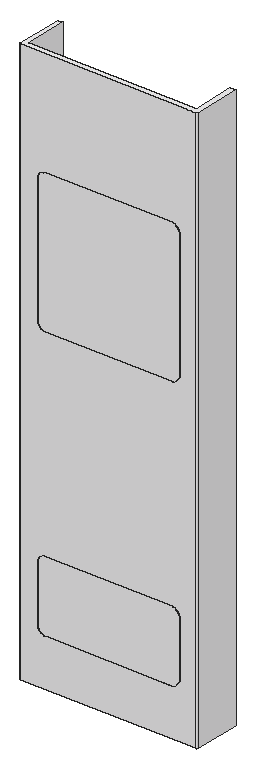
Revit family "NBS_ConceptCubicleSystems_DuctAndWlPnlLngSystms_MediForm", category Furniture, Revit 2019
Family settings
  Work Plane-Based = No
  Always vertical = Yes
  Cut with Voids When Loaded = No
  Shared = No
  Room Calculation Point = No
Parameters
  WarrantyStartDate [instance] = "1900-12-31T23:59:59"
  WarrantyGuarantorParts = "n/a"
  WarrantyGuarantorLabor = "n/a"
  WarrantyDurationUnit = "year"
  WarrantyDurationParts = "n/a"
  WarrantyDurationLabor = "n/a"
  WarrantyDescription = "n/a"
  WallPanelMaterial = NBS_ConceptCubicleSystems_PVCCladding_SatinLRV93
  WCCutoutLeftOffset [instance] = 375 mm
  WCCutout [instance] = if(HasWCCutout, -PanelThickness, 2 mm)  # 2 mm
  Version = "2"  # constant formula
  UnitWidthCalc [instance] = if(UnitWidth > 1200 mm, 1200 mm, UnitWidth)  # 750 mm
  UnitWidth [instance] = 750 mm
  UnitHeight [instance] = 2400 mm
  UnitDepth [instance] = if(PanelReturnLeftDepthCalc > PanelReturnRightDepthCalc, PanelReturnLeftDepthCalc, PanelReturnRightDepthCalc)  # 200 mm
  Uniclass2015Version = "Systems v1.22"
  Uniclass2015Title = "Duct and wall panel lining systems"
  Uniclass2015Code = "Ss_25_25_45_25"
  TagNumber [instance] = "n/a"
  SystemAccessories = "Heavy duty hinges,Locks,Not required"
  SustainabilityPerformance = "n/a,"
  Size = "Bespoke"
  SinkCutoutLeftOffset [instance] = 375 mm
  SinkCutout [instance] = if(HasSinkCutout, -PanelThickness, 2 mm)  # 2 mm
  Shape = "Other"
  SerialNumber [instance] = "n/a"
  ReplacementCost = "n/a"
  ProductInformation = "https://www.conceptcubiclesystems.co.uk/medi-form#details"
  Panels = "Anti-microbial PVC - wall to wall,Anti-microbial PVC - corner,Anti-microbial PVC - standalone"
  PanelThickness = 21.5 mm  # constant formula
  PanelReturnRightDepthCalc [instance] = if(HasPanelReturnRight, if(PanelReturnRightDepth > 1200 mm, 1200 mm, PanelReturnRightDepth), PanelThickness)  # 200 mm
  PanelReturnRightDepth [instance] = 200 mm
  PanelReturnLeftDepthCalc [instance] = if(HasPanelReturnLeft, if(PanelReturnLeftDepth > 1200 mm, 1200 mm, PanelReturnLeftDepth), PanelThickness)  # 200 mm
  PanelReturnLeftDepth [instance] = 200 mm
  NonintegralFinishes = "Rebated flush access door detail"
  NominalWidth [instance] = UnitWidth  # 750 mm
  NominalLength = 0 mm
  NominalHeight [instance] = UnitHeight  # 2400 mm
  Name = "DuctAndWallPanelLiningSystems_MediForm_ConceptCubicleSystems"
  NBSCertification = "www.nationalbimlibrary.com/cert/fmsvawtm"
  ModelReference = "MediForm"
  ModelNumber = "n/a"
  Material = "Polyvinyl chloride (PVC)"
  ManufacturingConstraintsSatisfied [instance] = 1 = if(or(UnitWidth > 1200 mm, PanelReturnLeftDepth > 1200 mm, PanelReturnRightDepth > 1200 mm), 0, 1)  # yes
  ManufacturerURL = "www.conceptcubiclesystems.co.uk"
  ManufacturerName = "Concept Cubicle Systems"  # constant formula
  Manufacturer = "jsutcliffe@conceptcubiclesystems.co.uk"
  InstallationDate [instance] = "1900-12-31T23:59:59"
  IfcExportType = "USERDEFINED"
  IfcExportAs = "IfcFurnitureType"
  HasWCCutout [instance] = no
  HasSinkCutout [instance] = no
  HasPanelReturnRight [instance] = yes
  HasPanelReturnLeft [instance] = yes
  HasAccessPanelDoor2 [instance] = yes
  HasAccessPanelDoor1 [instance] = yes
  Grade = "n/a"
  Finish = "Satin,Gloss"
  Features = "n/a"
  Fasteners = "Brackets to wall"
  ExpectedLife = "n/a"
  DurationUnit = "year"
  Description = "A prefabricated, modular wall panel system complete with sanitaryware"
  Constituents = "n/a"
  ColourFinish = "Cotton LRV 81,Gloss LRV 93,Satin LRV 93,Antimicrobial Sterling LRV 93,Orange LRV 17,Green LRV 47,Lime Green LRV 60,Pastel Cream LRV 88,Mushroom LRV 39,Pastel Grey LRV 81,Dove LRV 88,Black LRV 1,Mid Grey LRV 11,Marine Blue LRV 34,Blue LRV 30,Racing Green LRV 34,Yellow LRV 80,Satin White,Red LRV 3,Pink LRV 13,Purple LRV 1,Pacific Blue LRV 8,Teal LRV 10,Turquoise LRV 33,Avocado LRV 34,Duck Egg LRV 78,Pastel Green LRV 75,Peppermint LRV 61,Pastel Blue LRV 64,Goose Grey LRV 29"
  Color = "Black,Blue,Cream,Green,Grey,Orange,Pink,Purple,Red,White,Yellow"
  CodePerformance = "n/a"
  Category = "Ss_25_25_45_25:Duct and wall panel lining systems"
  BarCode [instance] = "n/a"
  BIMObjectName = "NBS_ConceptCubicleSystems_DuctAndWallPanelLiningSystems_MediForm"
  Author = "NBS"  # constant formula
  AssetType = "Fixed"
  AssetIdentifier [instance] = "n/a"
  AccessibilityPerformance = "n/a"
  AccessPanelDoorMaterial = NBS_ConceptCubicleSystems_PVCCladding_SatinLRV93
  AccessPanelDoor2LeftOffset [instance] = 75 mm
  AccessPanelDoor2Height [instance] = 600 mm
  AccessPanelDoor2Elevation [instance] = 1350 mm
  AccessPanelDoor2Cutout [instance] = if(HasAccessPanelDoor2, -PanelThickness, 2 mm)  # -21.5 mm
  AccessPanelDoor1LeftOffset [instance] = 75 mm
  AccessPanelDoor1Height [instance] = 300 mm
  AccessPanelDoor1Width [instance] = 600 mm
  AccessPanelDoor1Elevation [instance] = 200 mm
  AccessPanelDoor2Width [instance] = 600 mm
  AccessPanelDoor1Cutout [instance] = if(HasAccessPanelDoor1, -PanelThickness, 2 mm)  # -21.5 mm
Reference planes
  plane 1 "Front": y = 0
  plane 2 "Bottom": z = 0
  plane 3 "Center (Left/Right)": x = 0
  plane 4 "Back": y = 200
  plane 5 "Left": x = -375
  plane 6 "Right": x = 375
  plane 7 "Top": z = 2400
  plane 8: x = -353.5
  plane 9: x = 353.5
  plane 10: y = 21.5
  plane 11: y = 200
  plane 12: y = 200
  plane 13 "AccessPanelDoor1Bottom": z = 200
  plane 14 "AccessPanelDoor2Bottom": z = 1350
  plane 15 "AccessPanelDoor2Left": x = -300
  plane 16 "AccessPanelDoor2Right": x = 300
  plane 17 "AccessPanelDoor1Left": x = -300
  plane 18 "AccessPanelDoor1Right": x = 300
  plane 19 "AccessPanelDoor1Top": z = 500
  plane 20 "AccessPanelDoor2Top": z = 1950
  plane 21 "WCCutout": x = 0
  plane 22 "SinkCutout": x = 0
Forms (mm)
  Extrusion 1, solid, material "NBS_ConceptCubicleSystems_PVCCladding_SatinLRV93" <- "WallPanelMaterial", detail levels medium+fine
    sketch origin (0, 0, 0) x (1, 0, 0) y (0, 1, 0)
      loop
        line (353.5, 0) -> (353.5, 21.5) -> (-353.5, 21.5) -> (-353.5, 0) -> (353.5, 0)
    from 0 to 2400
  Extrusion 2, solid, material "NBS_ConceptCubicleSystems_PVCCladding_SatinLRV93" <- "WallPanelMaterial", detail levels medium+fine
    sketch origin (0, 0, 0) x (1, 0, 0) y (0, 1, 0)
      loop
        line (-375, 200) -> (-375, 5)
        arc (-375, 5) -> (-373.536, 1.464) -> (-370, 0) r 5
        line (-370, 0) -> (-353.5, 0) -> (-353.5, 200) -> (-375, 200)
      loop
        line (353.5, 200) -> (353.5, 0) -> (370, 0)
        arc (370, 0) -> (373.536, 1.464) -> (375, 5) r 5
        line (375, 5) -> (375, 200) -> (353.5, 200)
    from 0 to 2400
  Extrusion 3, void
    sketch origin (0, 0, 0) x (1, 0, 0) y (0, 0, 1)
      loop
        arc (-300, 1384.5) -> (-289.895, 1360.105) -> (-265.5, 1350) r 34.5
        line (-265.5, 1350) -> (265.5, 1350)
        arc (265.5, 1350) -> (289.895, 1360.105) -> (300, 1384.5) r 34.5
        line (300, 1384.5) -> (300, 1915.5)
        arc (300, 1915.5) -> (289.895, 1939.895) -> (265.5, 1950) r 34.5
        line (265.5, 1950) -> (-265.5, 1950)
        arc (-265.5, 1950) -> (-289.895, 1939.895) -> (-300, 1915.5) r 34.5
        line (-300, 1915.5) -> (-300, 1384.5)
    from 0 to -21.5 <- "AccessPanelDoor2Cutout"
  Extrusion 4, void
    sketch origin (0, 0, 0) x (1, 0, 0) y (0, 0, 1)
      loop
        arc (-265.5, 500) -> (-289.895, 489.895) -> (-300, 465.5) r 34.5
        line (-300, 465.5) -> (-300, 234.5)
        arc (-300, 234.5) -> (-289.895, 210.105) -> (-265.5, 200) r 34.5
        line (-265.5, 200) -> (265.5, 200)
        arc (265.5, 200) -> (289.895, 210.105) -> (300, 234.5) r 34.5
        line (300, 234.5) -> (300, 465.5)
        arc (300, 465.5) -> (289.895, 489.895) -> (265.5, 500) r 34.5
        line (265.5, 500) -> (-265.5, 500)
    from 0 to -21.5 <- "AccessPanelDoor1Cutout"
  Extrusion 5, solid, material "NBS_ConceptCubicleSystems_PVCCladding_SatinLRV93" <- "WallPanelMaterial", detail levels coarse
    sketch origin (0, 0, 0) x (1, 0, 0) y (0, 1, 0)
      loop
        line (353.5, 0) -> (353.5, 21.5) -> (-353.5, 21.5) -> (-353.5, 0) -> (353.5, 0)
    from 0 to 2400
  Extrusion 6, solid, material "NBS_ConceptCubicleSystems_PVCCladding_SatinLRV93" <- "WallPanelMaterial", detail levels coarse
    sketch origin (0, 0, 0) x (1, 0, 0) y (0, 1, 0)
      loop
        line (-375, 200) -> (-375, 0) -> (-353.5, 0) -> (-353.5, 200) -> (-375, 200)
      loop
        line (353.5, 200) -> (353.5, 0) -> (375, 0) -> (375, 200) -> (353.5, 200)
    from 0 to 2400
  Extrusion 7, void
    sketch origin (0, 0, 0) x (1, 0, 0) y (0, 0, 1)
      loop
        circle (0, 190) r 53
      loop
        circle (0, 410) r 21.5
    from 0 to 2 <- "WCCutout"
  Extrusion 8, void
    sketch origin (0, 0, 0) x (1, 0, 0) y (0, 0, 1)
      loop
        circle (0, 645) r 39.5
      loop
        circle (0, 1000) r 25
      loop
        circle (187.5, 735) r 15
      loop
        circle (-187.5, 735) r 15
    from 0 to 2 <- "SinkCutout"
Cuts and joins
  Extrusion 3, Extrusion 4, Extrusion 7, Extrusion 8 cuts Extrusion 1
  joined: Extrusion 1, Extrusion 2
  Extrusion 3, Extrusion 4, Extrusion 7, Extrusion 8 cuts Extrusion 5
  joined: Extrusion 5, Extrusion 6
Dimensions and locks
  equal spacing: plane 5 "Left", plane 3 "Center (Left/Right)", plane 6 "Right"
  "UnitWidthCalc": plane 5 "Left" to plane 6 "Right"
  "UnitDepth": plane 1 "Front" to plane 4 "Back"
  "UnitHeight": plane 7 "Top" to plane 2 "Bottom"
  "PanelThickness": plane 5 "Left" to plane 8
  "PanelThickness": plane 9 to plane 6 "Right"
  "PanelThickness": plane 1 "Front" to plane 10
  "PanelReturnLeftDepthCalc": plane 1 "Front" to plane 11
  "PanelReturnRightDepthCalc": plane 1 "Front" to plane 12
  "AccessPanelDoor1Elevation": plane 13 "AccessPanelDoor1Bottom" to plane 2 "Bottom"
  "AccessPanelDoor2Elevation": plane 14 "AccessPanelDoor2Bottom" to plane 2 "Bottom"
  "AccessPanelDoor2Height": plane 20 "AccessPanelDoor2Top" to plane 14 "AccessPanelDoor2Bottom"
  "AccessPanelDoor2Width": plane 15 "AccessPanelDoor2Left" to plane 16 "AccessPanelDoor2Right"
  "AccessPanelDoor1Width": plane 18 "AccessPanelDoor1Right" to plane 17 "AccessPanelDoor1Left"
  "AccessPanelDoor1Height": plane 19 "AccessPanelDoor1Top" to plane 13 "AccessPanelDoor1Bottom"
  "AccessPanelDoor2LeftOffset": plane 15 "AccessPanelDoor2Left" to plane 5 "Left"
  "AccessPanelDoor1LeftOffset": plane 17 "AccessPanelDoor1Left" to plane 5 "Left"
  locked: Extrusion 7 sketch curve to plane 2 "Bottom" at 190
  locked: Extrusion 7 sketch curve to plane 2 "Bottom" at 410
  locked: plane 22 "SinkCutout" to Extrusion 8 sketch curve at 187.5
  locked: Extrusion 8 sketch curve to plane 22 "SinkCutout" at 187.5
  locked: Extrusion 8 sketch curve to plane 2 "Bottom" at 645
  locked: Extrusion 8 sketch curve to plane 2 "Bottom" at 735  (x2)
  locked: Extrusion 8 sketch curve to plane 2 "Bottom" at 1000
  "WCCutoutLeftOffset": plane 21 "WCCutout" to plane 5 "Left"
  "SinkCutoutLeftOffset": plane 22 "SinkCutout" to plane 5 "Left"
  locked: Extrusion 3 sketch curve to plane 14 "AccessPanelDoor2Bottom" at 34.5  (x2)
  locked: plane 15 "AccessPanelDoor2Left" to Extrusion 3 sketch curve at 34.5  (x2)
  locked: plane 16 "AccessPanelDoor2Right" to Extrusion 3 sketch curve at 34.5  (x2)
  locked: plane 20 "AccessPanelDoor2Top" to Extrusion 3 sketch curve at 34.5  (x2)
  locked: Extrusion 4 sketch curve to plane 17 "AccessPanelDoor1Left" at 34.5  (x2)
  locked: plane 19 "AccessPanelDoor1Top" to Extrusion 4 sketch curve at 34.5  (x2)
  locked: Extrusion 4 sketch curve to plane 18 "AccessPanelDoor1Right" at 34.5  (x2)
  locked: Extrusion 4 sketch curve to plane 13 "AccessPanelDoor1Bottom" at 34.5  (x2)
  aligned and locked: level to plane 2 "Bottom"
  aligned and locked: Extrusion 1 sketch curve to plane 1 "Front"
  aligned and locked: Extrusion 1 sketch curve to plane 10
  aligned and locked: Extrusion 1 sketch curve to plane 8
  aligned and locked: Extrusion 1 sketch curve to plane 9
  aligned and locked: plane 7 "Top" to Extrusion 1
  aligned and locked: Extrusion 2 sketch curve to plane 5 "Left"
  aligned and locked: Extrusion 2 sketch curve to plane 8
  aligned and locked: Extrusion 2 sketch curve to plane 11
  aligned and locked: Extrusion 2 sketch curve to plane 1 "Front"  (x2)
  aligned and locked: Extrusion 2 sketch curve to plane 9
  aligned and locked: plane 6 "Right" to Extrusion 2 sketch curve
  aligned and locked: Extrusion 2 sketch curve to plane 12
  aligned and locked: plane 7 "Top" to Extrusion 2
  aligned and locked: nested 1 to plane 13 "AccessPanelDoor1Bottom"
  aligned and locked: nested 2 to plane 14 "AccessPanelDoor2Bottom"
  aligned and locked: Extrusion 4 sketch curve to plane 17 "AccessPanelDoor1Left"
  aligned and locked: plane 18 "AccessPanelDoor1Right" to Extrusion 4 sketch curve
  aligned and locked: Extrusion 4 sketch curve to plane 13 "AccessPanelDoor1Bottom"
  aligned and locked: plane 16 "AccessPanelDoor2Right" to Extrusion 3 sketch curve
  aligned and locked: Extrusion 3 sketch curve to plane 14 "AccessPanelDoor2Bottom"
  aligned and locked: Extrusion 3 sketch curve to plane 20 "AccessPanelDoor2Top"
  aligned and locked: Extrusion 5 sketch curve to plane 1 "Front"
  aligned and locked: Extrusion 5 sketch curve to plane 10
  aligned and locked: Extrusion 5 sketch curve to plane 9
  aligned and locked: Extrusion 5 sketch curve to plane 8
  aligned and locked: Extrusion 6 sketch curve to plane 5 "Left"
  aligned and locked: Extrusion 6 sketch curve to plane 8
  aligned and locked: Extrusion 6 sketch curve to plane 11
  aligned and locked: Extrusion 6 sketch curve to plane 1 "Front"  (x2)
  aligned and locked: Extrusion 6 sketch curve to plane 9
  aligned and locked: plane 6 "Right" to Extrusion 6 sketch curve
  aligned and locked: Extrusion 6 sketch curve to plane 12
  aligned and locked: plane 7 "Top" to Extrusion 5
  aligned and locked: plane 7 "Top" to Extrusion 6
  aligned and locked: plane 21 "WCCutout" to Extrusion 7 sketch curve  (x2)
  aligned and locked: plane 22 "SinkCutout" to Extrusion 8 sketch curve  (x2)
  aligned and locked: nested 2 to plane 15 "AccessPanelDoor2Left"
  aligned and locked: plane 17 "AccessPanelDoor1Left" to nested 1
Automatic sketch dimensions
  Extrusion 2 sketch curve to plane 1 "Front" = 5 mm  (x2)
  radius of Extrusion 7 sketch curve = 53 mm
  radius of Extrusion 7 sketch curve = 21.5 mm
  radius of Extrusion 8 sketch curve = 39.5 mm
  radius of Extrusion 8 sketch curve = 15 mm  (x2)
  radius of Extrusion 8 sketch curve = 25 mm
Nested families
  nested 1: "NBS_ConceptCubicleSystems_DuctAndWlPnlLngSystms_MediForm_AccessPanel" at (0, 0, 350) x (1, 0, 0) z (0, -1, 0), visible <- "HasAccessPanelDoor1", AccessPanelHeight <- "AccessPanelDoor1Height", AccessPanelWidth <- "AccessPanelDoor1Width", type "NBS_ConceptCubicleSystems_DuctAndWlPnlLngSystms_MediForm_AccessPanel"
    with AccessPanelWidth 600 mm, AccessPanelHeight 300 mm
  nested 2: "NBS_ConceptCubicleSystems_DuctAndWlPnlLngSystms_MediForm_AccessPanel" at (0, 0, 1650) x (1, 0, 0) z (0, -1, 0), visible <- "HasAccessPanelDoor2", AccessPanelWidth <- "AccessPanelDoor2Width", AccessPanelHeight <- "AccessPanelDoor2Height", type "NBS_ConceptCubicleSystems_DuctAndWlPnlLngSystms_MediForm_AccessPanel"
Definition of nested family "NBS_ConceptCubicleSystems_DuctAndWlPnlLngSystms_MediForm_AccessPanel"
  Parameters (values of type "NBS_ConceptCubicleSystems_DuctAndWlPnlLngSystms_MediForm_AccessPanel")
    Default Elevation = 0 mm
    AccessPanelWidth [instance] = 600 mm
    AccessPanelThickness = 21.5 mm
    AccessPanelMaterial = none
    AccessPanelHeight [instance] = 600 mm
  Reference planes
    plane 1 "Center (Front/Back)": y = 0
    plane 2: z = 0
    plane 3 "Center (Left/Right)": x = 0
    plane 4 "Left": x = -300
    plane 5 "Top": y = 300
    plane 6 "Right": x = 300
    plane 7 "Bottom": y = -300
    plane 8: z = -21.5
    plane 9: x = -268.5
    plane 10: x = 319
  Forms (mm)
    Extrusion 1, solid
      sketch origin (0, 0, 0) x (1, 0, 0) y (0, 1, 0)
        loop
          line (-1219.2, 1219.2) -> (-1219.2, -1219.2) -> (1219.2, -1219.2) -> (1219.2, 1219.2) -> (-1219.2, 1219.2)
      from 0 to -304.8
    Extrusion 2, solid, material <- "AccessPanelMaterial"
      sketch origin (0, 0, 0) x (1, 0, 0) y (0, 1, 0)
        loop
          line (-300, 265.5) -> (-300, -265.5)
          arc (-300, -265.5) -> (-289.895, -289.895) -> (-265.5, -300) r 34.5
          line (-265.5, -300) -> (265.5, -300)
          arc (265.5, -300) -> (289.895, -289.895) -> (300, -265.5) r 34.5
          line (300, -265.5) -> (300, 265.5)
          arc (300, 265.5) -> (289.895, 289.895) -> (265.5, 300) r 34.5
          line (265.5, 300) -> (-265.5, 300)
          arc (-265.5, 300) -> (-289.895, 289.895) -> (-300, 265.5) r 34.5
      from 0 to -21.5
    Extrusion 3, solid, material <- "AccessPanelMaterial", detail levels medium+fine
      sketch origin (0, 798.727, -21.5) x (0, 1, 0) y (-1, 0, 0)
        loop
          line (-498.727, -319) -> (-498.727, -300) -> (-1098.727, -300) -> (-1098.727, -319) -> (-498.727, -319)
      from 0 to -100
  Lines and regions (mm)
    model lines, detail levels fine
      curve 1: circle (-268.5, 0, 0) r 10 normal (0, 0, 1)
  Dimensions and locks
    equal spacing: plane 5 "Top", plane 1 "Center (Front/Back)", plane 7 "Bottom"
    equal spacing: plane 4 "Left", plane 3 "Center (Left/Right)", plane 6 "Right"
    "AccessPanelWidth": plane 4 "Left" to plane 6 "Right"
    "AccessPanelHeight": plane 7 "Bottom" to plane 5 "Top"
    "AccessPanelThickness": plane 2 to plane 8
    locked: plane 4 "Left" to plane 9 at 31.5
    locked: plane 6 "Right" to plane 10 at 19
    aligned and locked: plane 2 to Extrusion 1
    aligned and locked: level to Extrusion 1
    aligned and locked: Extrusion 2 sketch curve to plane 4 "Left"
    aligned and locked: plane 6 "Right" to Extrusion 2 sketch curve
    aligned and locked: Extrusion 2 sketch curve to plane 5 "Top"
    aligned and locked: plane 7 "Bottom" to Extrusion 2 sketch curve
    aligned and locked: Extrusion 3 sketch curve to plane 10
    aligned and locked: plane 6 "Right" to Extrusion 3 sketch curve
    aligned and locked: Extrusion 3 sketch curve to plane 5 "Top"
    aligned and locked: plane 7 "Bottom" to Extrusion 3 sketch curve
    aligned and locked: Extrusion 2 to plane 8
  Automatic sketch dimensions
    Extrusion 1 sketch curve to Extrusion 1 sketch curve = 2438.4 mm  (x2)
    plane 4 "Left" to Extrusion 2 sketch curve = 34.5 mm
    Extrusion 2 sketch curve to Extrusion 2 sketch curve = 34.5 mm  (x2)
    plane 6 "Right" to Extrusion 2 sketch curve = 34.5 mm
    plane 1 "Center (Front/Back)" to curve 1 = 0 mm
    curve 1 to plane 9 = 0 mm
    radius of curve 1 = 10 mm
